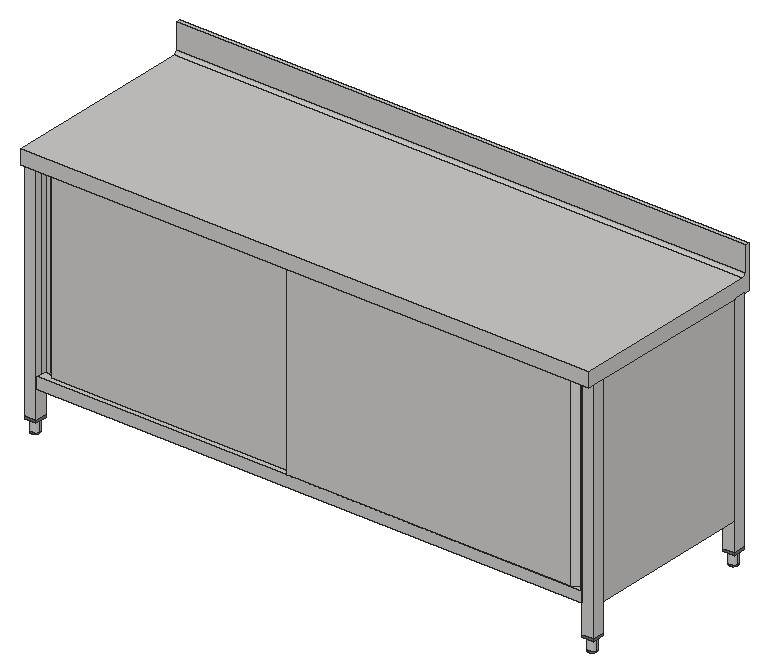
Revit family "QF_ELECTROLUXPROFESSIONAL_134038_GTN2010E", category Attrezzature speciali, Revit 2020
Family settings
  Quota connettore circolare = Usa diametro
  Tipo di parte = Normale
  Basato su piano di lavoro = No
  Sempre verticale = Sì
  Taglio con vuoti quando caricato = No
  Condiviso = No
  Punto di calcolo locali = No
Parameters (values of type "Standard")
  Weight = 105.00 kg
  Watts = 0 W
  Volts = 0 V
  URL Manufacturer = "https://www.electroluxprofessional.com/"
  URL = "https://www.electroluxprofessional.com/"
  Steam Supply Size = 0 mm
  Steam Supply Minimum Pressure = 0.0 Pa
  Steam Supply Maximum Pressure = 0.0 Pa
  Steam Consumption per Hour = 0
  Refrigeration Suction Line Size = 0.0 mm
  Refrigeration Liquid Line Size = 0.0 mm
  Refrigerant Compressor Remote = yes
  Prospetto di default = 0.0 mm
  Produttore = "Electrolux Professional"
  Phase = 0
  Modello = "GTN2010E"
  Length Actual = 2000.0 mm  # constant formula
  Item Number = "134038"
  Hot Water Size = 0 mm
  Height Actual = 1000.0 mm  # constant formula
  HP = "0 HP"
  Gas Size = 0 mm
  Gas KW = 0
  Gas Input Pressure = 0 W
  Direct Waste Size = 0 mm
  Descrizione = "WORKTOP CUPBOARD WITH UPSTAND 2000MM"
  Depth Actual = 700.0 mm  # constant formula
  Cycle = 0 Hz
  Condensate Return Size = 0 mm
  Compressed Air Volume = 0.0 L/s
  Compressed Air Size = 0 mm
  Compressed Air Pressure = 0.0 Pa
  Cold Water Size = 0 mm
  Accessory = yes
Reference planes
  plane 1 "Center (Front/Back)": y = 0
  plane 2: z = 0
  plane 3 "Center (Left/Right)": x = -500
  plane 4 "LEFT": x = -1500
  plane 5 "RIGHT": x = 500
  plane 6 "BACK": y = 350
  plane 7 "FRONT": y = -350
  plane 8 "Base": z = 850
  plane 9 "TOP": z = 900
  plane 10: x = -1480
  plane 11: x = 480
  plane 12: y = 310
  plane 13: y = -310
  plane 14 "BodyLeft": x = -1500
  plane 15 "BodyFront": y = -330
  plane 16 "BodyRight": x = 500
  plane 17 "BodyBack": y = 330
  plane 18 "FEET": z = 150
  plane 19: x = -420
  plane 20: x = -580
Forms (mm)
  Extrusion 1, solid, material "QF_Finishes_Stainless Steel"
    sketch origin (-500, 0, 0) x (0, 1, 0) y (0, 0, 1)
      loop
        line (-350, 850) -> (350, 850) -> (350, 1000) -> (337, 1000) -> (337, 910)
        arc (337, 910) -> (334.071, 902.929) -> (327, 900) r 10
        line (327, 900) -> (-350, 900) -> (-350, 850)
    from 1000 to -1000
  Extrusion 2, solid, material "QF_Finishes_Stainless Steel"
    sketch origin (0, 0, 150) x (-1, 0, 0) y (0, -1, 0)
      loop
        line (1500, -290) -> (1500, 290) -> (1460, 290) -> (1460, -290) -> (1500, -290)
      loop
        line (-460, -290) -> (-460, 290) -> (-500, 290) -> (-500, -290) -> (-460, -290)
    from 0 to 700
  Extrusion 3, solid, material "QF_Finishes_Stainless Steel"
    sketch origin (0, 0, 150) x (-1, 0, 0) y (0, -1, 0)
      loop
        line (1460, -290) -> (1460, 330) -> (-460, 330) -> (-460, -290) -> (1460, -290)
    from 0 to 40
  Extrusion 4, solid, material "QF_Finishes_Stainless Steel"
    sketch origin (0, 0, 150) x (-1, 0, 0) y (0, -1, 0)
      loop
        line (1460, -290) -> (-460, -290) -> (-460, -330) -> (1460, -330) -> (1460, -290)
    from 0 to 700
  Extrusion 5, solid, material "QF_Finishes_Stainless Steel"
    sketch origin (0, 0, 150) x (-1, 0, 0) y (0, -1, 0)
      loop
        line (-460, 330) -> (-460, 310) -> (580, 310) -> (580, 330) -> (-420, 330) -> (-440, 315) -> (-455, 315) -> (-455, 330) -> (-460, 330)
    from 40 to 700
  Extrusion 6, solid, material "QF_Finishes_Stainless Steel"
    sketch origin (0, 20, 150) x (1, 0, 0) y (0, 1, 0)
      loop
        line (-1460, -330) -> (-1455, -330) -> (-1455, -315) -> (-1440, -315) -> (-1420, -330) -> (-420, -330) -> (-420, -310) -> (-1460, -310) -> (-1460, -330)
    from 40 to 700
  Extrusion 7, solid, material "QF_Finishes_Stainless Steel"
    sketch origin (0, 0, 150) x (-1, 0, 0) y (0, -1, 0)
      loop
        line (1460, 290) -> (-460, 290) -> (-460, -290) -> (1460, -290) -> (1460, 290)
    from 350 to 390
Lines and regions (mm)
  symbolic lines
    curve 1: line (500, 350, 900) -> (-1500, 350, 900)
    curve 2: line (-1500, 350, 900) -> (-1500, -350, 900)
    curve 3: line (-1500, -350, 900) -> (500, -350, 900)
    curve 4: line (500, -350, 900) -> (500, 350, 900)
    curve 5: line (-1500, 337, 900) -> (500, 337, 900)
  symbolic lines, style "SpecialityEquipmentHiddenLines"
    curve 6: line (-1500, 330, 150) -> (500, 330, 150)
    curve 7: line (-1500, -330, 150) -> (-1500, 330, 150)
    curve 8: line (500, -330, 150) -> (-1500, -330, 150)
    curve 9: line (500, 330, 150) -> (500, -330, 150)
    curve 10: line (-1460, -290, 150) -> (-420, -290, 150)
    curve 11: line (-420, -290, 150) -> (-420, -310, 150)
    curve 12: line (-1460, -310, 150) -> (460, -310, 150)
    curve 13: line (460, -310, 150) -> (460, -330, 150)
    curve 14: line (-580, -310, 150) -> (-580, -330, 150)
    curve 15: line (-1460, -290, 150) -> (-1460, -310, 150)
Dimensions and locks
  plane 4 "LEFT" to plane 5 "RIGHT" = 2000.0 mm
  equal spacing: plane 4 "LEFT", plane 3 "Center (Left/Right)", plane 5 "RIGHT"
  locked: plane 8 "Base" to level at 850
  plane 9 "TOP" to level = 900.0 mm
  plane 6 "BACK" to plane 7 "FRONT" = 700.0 mm
  equal spacing: plane 6 "BACK", plane 1 "Center (Front/Back)", plane 7 "FRONT"
  locked: plane 4 "LEFT" to plane 14 "BodyLeft"
  locked: plane 16 "BodyRight" to plane 5 "RIGHT"
  locked: plane 15 "BodyFront" to plane 7 "FRONT" at 20
  locked: plane 6 "BACK" to plane 17 "BodyBack" at 20
  locked: plane 14 "BodyLeft" to plane 10 at 20
  locked: plane 11 to plane 16 "BodyRight" at 20
  locked: plane 13 to plane 15 "BodyFront" at 20
  locked: plane 17 "BodyBack" to plane 12 at 20
  plane 10 to plane 11 = 1960.0 mm
  plane 12 to plane 13 = 620.0 mm
  locked: plane 14 "BodyLeft" to Extrusion 2 sketch curve at 40
  Extrusion 2 sketch curve to Extrusion 2 sketch curve = 40.0 mm
  locked: plane 3 "Center (Left/Right)" to plane 19 at 80
  locked: plane 20 to plane 3 "Center (Left/Right)" at 80
  locked: plane 18 "FEET" to plane 2 at 150
  Extrusion 1 to level = 1000.0 mm
  aligned and locked: level to plane 2
  aligned and locked: plane 10 to nested 1
  aligned and locked: nested 1 to plane 13
  aligned and locked: plane 11 to nested 2
  aligned and locked: nested 2 to plane 13
  aligned and locked: plane 11 to nested 4
  aligned and locked: nested 4 to plane 12
  aligned and locked: plane 10 to nested 3
  aligned and locked: nested 3 to plane 12
  aligned and locked: Extrusion 1 to plane 4 "LEFT"
  aligned and locked: plane 5 "RIGHT" to Extrusion 1
  aligned and locked: curve 2 to plane 4 "LEFT"
  aligned and locked: Extrusion 2 sketch curve to plane 14 "BodyLeft"
  aligned and locked: plane 16 "BodyRight" to Extrusion 2 sketch curve
  aligned and locked: plane 8 "Base" to Extrusion 2
  aligned and locked: plane 8 "Base" to Extrusion 5
  aligned and locked: Extrusion 5 to Extrusion 3
  aligned and locked: Extrusion 6 sketch curve to plane 19
  aligned and locked: Extrusion 5 sketch curve to plane 20
  aligned and locked: Extrusion 1 to plane 8 "Base"
  aligned and locked: plane 9 "TOP" to Extrusion 1
  aligned and locked: curve 6 to plane 17 "BodyBack"
  aligned and locked: plane 14 "BodyLeft" to curve 7
  aligned and locked: plane 15 "BodyFront" to curve 8
  aligned and locked: plane 16 "BodyRight" to curve 9
  aligned and locked: Extrusion 3 sketch curve to Extrusion 2  (x2)
  aligned and locked: Extrusion 2 to Extrusion 4 sketch curve  (x2)
  aligned and locked: curve 8 to Extrusion 3 sketch curve
  aligned and locked: Extrusion 3 sketch curve to Extrusion 4
  aligned and locked: Extrusion 4 to plane 18 "FEET"
Automatic sketch dimensions
  Extrusion 5 sketch curve to plane 15 "BodyFront" = 0.0 mm  (x2)
  Extrusion 5 sketch curve to plane 11 = 20.0 mm
  Extrusion 5 sketch curve to Extrusion 5 sketch curve = 5.0 mm
  Extrusion 5 sketch curve to Extrusion 5 sketch curve = 15.0 mm
  Extrusion 5 sketch curve to Extrusion 5 sketch curve = 20.0 mm
  plane 15 "BodyFront" to Extrusion 5 sketch curve = 15.0 mm
  plane 15 "BodyFront" to Extrusion 5 sketch curve = 20.0 mm
  Extrusion 6 sketch curve to plane 15 "BodyFront" = 20.0 mm  (x2)
  Extrusion 6 sketch curve to plane 10 = 20.0 mm
  Extrusion 6 sketch curve to Extrusion 6 sketch curve = 5.0 mm
  Extrusion 6 sketch curve to Extrusion 6 sketch curve = 15.0 mm
  Extrusion 6 sketch curve to Extrusion 6 sketch curve = 20.0 mm  (x2)
  Extrusion 6 sketch curve to plane 15 "BodyFront" = 35.0 mm
  curve 11 to plane 19 = 0.0 mm
  curve 14 to plane 20 = 0.0 mm
  curve 12 to plane 11 = 20.0 mm
  plane 15 "BodyFront" to curve 10 = 40.0 mm
  curve 13 to curve 13 = 20.0 mm
  plane 10 to curve 15 = 20.0 mm
  Extrusion 4 sketch curve to plane 12 = 20.0 mm
  plane 13 to Extrusion 2 sketch curve = 20.0 mm  (x2)
  Extrusion 2 sketch curve to plane 12 = 20.0 mm  (x2)
  Extrusion 4 sketch curve to plane 17 "BodyBack" = 0.0 mm
  Extrusion 7 sketch curve to plane 11 = 20.0 mm
  plane 10 to Extrusion 7 sketch curve = 20.0 mm
  Extrusion 7 sketch curve to plane 12 = 20.0 mm
  plane 13 to Extrusion 7 sketch curve = 20.0 mm
  curve 3 to plane 7 "FRONT" = 0.0 mm
  curve 5 to plane 5 "RIGHT" = 0.0 mm
  curve 4 to plane 6 "BACK" = 0.0 mm
  plane 17 "BodyBack" to curve 5 = 7.0 mm
  Extrusion 1 sketch curve to plane 7 "FRONT" = 0.0 mm
  Extrusion 1 sketch curve to plane 9 "TOP" = 0.0 mm
  Extrusion 1 sketch curve to plane 6 "BACK" = 0.0 mm
  Extrusion 1 sketch curve to plane 8 "Base" = 0.0 mm
  Extrusion 1 sketch curve to plane 17 "BodyBack" = 3.0 mm
  plane 17 "BodyBack" to Extrusion 1 sketch curve = 7.0 mm
  Extrusion 1 sketch curve to Extrusion 1 sketch curve = 90.0 mm
Nested families
  nested 1: "FEET_40x40_APP50" at (-1480, -310, 0), type "FEET_40x40_APP50"
  nested 2: "FEET_40x40_APP50" at (480, -310, 0), type "FEET_40x40_APP50"
  nested 3: "FEET_40x40_APP50" at (-1480, 310, 0), type "FEET_40x40_APP50"
  nested 4: "FEET_40x40_APP50" at (480, 310, 0), type "FEET_40x40_APP50"
Definition of nested family "FEET_40x40_APP50"
  Parameters
    Default Elevation = 0.0 mm
    FEET = 850.0 mm
  Reference planes
    plane 1 "Center (Front/Back)": y = 0
    plane 2: z = 0
    plane 3 "Center (Left/Right)": x = 0
    plane 4: z = 850
  Forms (mm)
    Extrusion 1, solid
      sketch origin (0, 0, 0) x (1, 0, 0) y (0, 1, 0)
        loop
          line (-20, -20) -> (20, -20) -> (20, 20) -> (-20, 20) -> (-20, -20)
      from 50 to 850
    Extrusion 2, solid
      sketch origin (0, 0, 0) x (1, 0, 0) y (0, 1, 0)
        loop
          circle (0, 0) r 15
      from 0 to 5
    Extrusion 3, solid
      sketch origin (0, 0, 0) x (1, 0, 0) y (0, 1, 0)
        loop
          line (-20, -20) -> (20, -20) -> (20, 20) -> (-20, 20) -> (-20, -20)
      from 50 to 42
    Extrusion 4, solid
      sketch origin (0, 0, 0) x (1, 0, 0) y (0, 1, 0)
        loop
          circle (0, 0) r 15
      from 5 to 42
  Lines and regions (mm)
    symbolic lines
      curve 1: line (0, -1.503, 0) -> (0, 1.508, 0)
      curve 2: line (1.561, 0, 0) -> (-1.439, 0, 0)
  Dimensions and locks
    "FEET": plane 4 to plane 2
    aligned and locked: level to plane 2
  Automatic sketch dimensions
    plane 1 "Center (Front/Back)" to curve 2 = 0.0 mm
    curve 1 to plane 3 "Center (Left/Right)" = 0.0 mm
    curve 2 to plane 3 "Center (Left/Right)" = 1.439 mm
    plane 3 "Center (Left/Right)" to curve 2 = 1.561 mm
    plane 1 "Center (Front/Back)" to curve 1 = 1.503 mm
    curve 1 to plane 1 "Center (Front/Back)" = 1.508 mm
    Extrusion 1 sketch curve to plane 3 "Center (Left/Right)" = 20.0 mm
    plane 3 "Center (Left/Right)" to Extrusion 1 sketch curve = 20.0 mm
    plane 1 "Center (Front/Back)" to Extrusion 1 sketch curve = 20.0 mm
    Extrusion 1 sketch curve to plane 1 "Center (Front/Back)" = 20.0 mm
    plane 1 "Center (Front/Back)" to Extrusion 2 sketch curve = 0.0 mm
    Extrusion 2 sketch curve to plane 3 "Center (Left/Right)" = 0.0 mm
    Extrusion 3 sketch curve to plane 3 "Center (Left/Right)" = 20.0 mm
    plane 3 "Center (Left/Right)" to Extrusion 3 sketch curve = 20.0 mm
    plane 1 "Center (Front/Back)" to Extrusion 3 sketch curve = 20.0 mm
    Extrusion 3 sketch curve to plane 1 "Center (Front/Back)" = 20.0 mm
    plane 1 "Center (Front/Back)" to Extrusion 4 sketch curve = 0.0 mm
    Extrusion 4 sketch curve to plane 3 "Center (Left/Right)" = 0.0 mm
    radius of Extrusion 2 sketch curve = 15.0 mm
    radius of Extrusion 4 sketch curve = 15.0 mm
